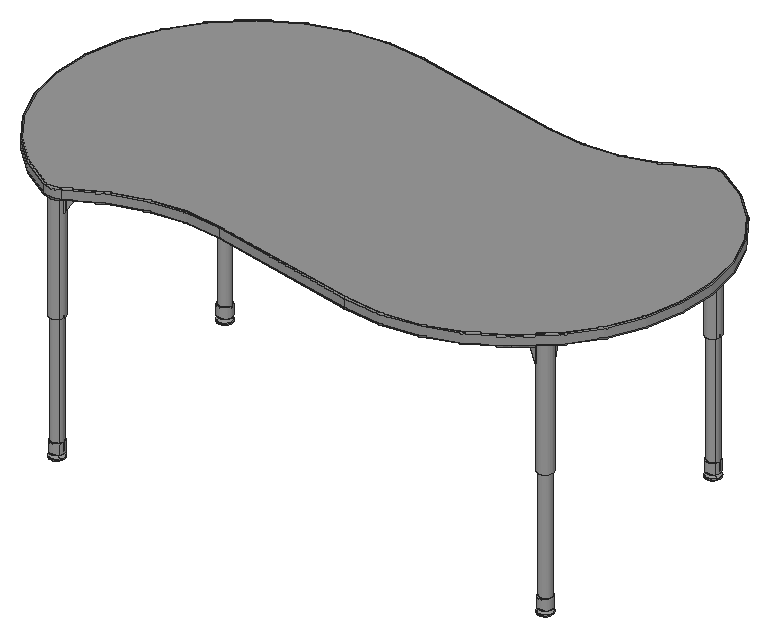
Revit family "Hierarchy Twister Large Table", category Furniture, Revit 2018
Family settings
  Work Plane-Based = No
  Always vertical = Yes
  Cut with Voids When Loaded = No
  Shared = No
  Room Calculation Point = No
Parameters
  Table Height = 2' - 5"
  Surface = Hierarchy Twister Large Table Surface
  Leg Finish = Hierarchy Leg Platinum
  Edgeband = Hierarchy Twister Large Table Edgeband
  Caster/Glide = Hierarchy Leg - Glide : Hierarchy Leg - Glide
Reference planes
  plane 1 "Center (Front/Back)": y = 0
  plane 2: z = 0
  plane 3 "Center (Left/Right)": x = 0
  plane 4: z = 736.6
Dimensions and locks
  "Table Height": plane 4 to level
  aligned and locked: plane 2 to level
  aligned and locked: nested 1 to plane 4
Nested families
  nested 1: "Twister Large Tabletop" at (0, 0, 56.135), type "Twister Large Tabletop"
  nested 2: "Hierarchy Leg - Glide" at (-718.431, 334.621, 0) x (0.6947, 0.7193, 0) z (0, 0, 1), type <- "Caster/Glide", Leg Finish <- "Leg Finish", Leg Height <- "Table Height", type "Hierarchy Leg - Glide"
  nested 3: "Hierarchy Leg - Glide" at (-620.152, -411.885, 0) x (-0.8572, 0.515, 0) z (0, 0, 1), type <- "Caster/Glide", Leg Finish <- "Leg Finish", Leg Height <- "Table Height", type "Hierarchy Leg - Glide"
  nested 4: "Hierarchy Leg - Glide" at (725.261, -279.284, 0) x (-0.6947, -0.7193, 0) z (0, 0, 1), Leg Finish <- "Leg Finish", Leg Height <- "Table Height", type "Hierarchy Leg - Glide"
    with Leg Height 2' - 5", Leg Finish Hierarchy Leg Platinum
  nested 5: "Hierarchy Leg - Glide" at (626.981, 467.221, 0) x (0.8572, -0.515, 0) z (0, 0, 1), Leg Finish <- "Leg Finish", Leg Height <- "Table Height", type "Hierarchy Leg - Glide"
    with Leg Height 2' - 5", Leg Finish Hierarchy Leg Platinum
Definition of nested family "Twister Large Tabletop"
  Parameters (values of type "Twister Large Tabletop")
    Surface = none
    Edgeband = none
  Reference planes
    plane 1 "Center (Front/Back)": y = 0
    plane 2: z = 0
    plane 3 "Center (Left/Right)": x = 0
  Forms (mm)
    Extrusion 1, solid, material <- "Surface"
      sketch origin (-60.904, 154.554, 0) x (1, 0, 0) y (0, 1, 0)
        loop
          arc (-221.155, 369.212) -> (-820.862, 4.722) -> (-537.028, -637.104) r 531.834
          arc (-537.028, -637.104) -> (-513.399, -641.277) -> (-490.806, -633.197) r 46.823
          arc (-490.806, -633.197) -> (-300.102, -550.702) -> (-92.359, -546.601) r 538.158
          line (-92.359, -546.601) -> (345.759, -623.853)
          arc (345.759, -623.853) -> (945.466, -259.363) -> (661.632, 382.463) r 531.834
          arc (661.632, 382.463) -> (638.004, 386.636) -> (615.411, 378.556) r 46.823
          arc (615.411, 378.556) -> (424.706, 296.061) -> (216.963, 291.96) r 538.158
          line (216.963, 291.96) -> (-221.155, 369.212)
      from 680.465 to 712.215
    Sweep 2, solid, material <- "Edgeband"
      path origin (-60.904, 154.554, 0) x (1, 0, 0) y (0, 1, 0)
        loop
          arc (345.759, -623.853) -> (945.466, -259.363) -> (661.632, 382.463) r 531.834
          arc (661.632, 382.463) -> (638.004, 386.636) -> (615.411, 378.556) r 46.823
          arc (615.411, 378.556) -> (424.706, 296.061) -> (216.963, 291.96) r 538.158
          line (216.963, 291.96) -> (-221.155, 369.212)
          arc (-221.155, 369.212) -> (-820.862, 4.722) -> (-537.028, -637.104) r 531.834
          arc (-537.028, -637.104) -> (-513.399, -641.277) -> (-490.806, -633.197) r 46.823
          arc (-490.806, -633.197) -> (-300.102, -550.702) -> (-92.359, -546.601) r 538.158
          line (-92.359, -546.601) -> (345.759, -623.853)
      profile origin (884.562, -104.809, 0) x (-0.954101, 0.299484, 0) y (0, 0, 1)
        loop
          arc (0, 712.215) -> (-2.385, 711.227) -> (-3.373, 708.842) r 3.373
          line (-3.373, 708.842) -> (-3.373, 683.839)
          arc (-3.373, 683.839) -> (-2.385, 681.453) -> (0, 680.465) r 3.373
          line (0, 680.465) -> (0, 712.215)
  Dimensions and locks
    aligned and locked: plane 2 to level
Definition of nested family "Hierarchy Leg - Glide"
  Parameters (values of type "Hierarchy Leg - Glide")
    Leg Finish [instance] = none
    Leg Height [instance] = 2' - 5"
  Reference planes
    plane 1 "Center (Front/Back)": y = 0
    plane 2: z = 0
    plane 3 "Center (Left/Right)": x = 0
  Forms (mm)
    Extrusion 1, solid
      sketch origin (-0.397, 0, 0) x (1, 0, 0) y (0, 1, 0)
        loop
          circle (0.397, 0) r 17.022
      from 17.175 to 410.875
    Revolve 2, solid
      sketch origin (0, 0, 0) x (1, 0, 0) y (0, 0, 1)
        loop
          line (-18.59, 45.75) -> (-20.178, 44.162) -> (-20.178, 15.591) -> (-18.587, 14) -> (-3.175, 14) -> (-3.175, 10.825) -> (-21.503, 4.125) -> (-21.503, 2.284) -> (-20.665, 0) -> (0, 0) -> (0, 45.75) -> (-18.59, 45.75)
        axis (0, 45.75) -> (0, 0)
      angle from 0 to 360
  Dimensions and locks
    "Leg Height": nested 1 to level
    aligned and locked: plane 2 to level
  Automatic sketch dimensions
    plane 1 "Center (Front/Back)" to Extrusion 1 sketch curve = 0' - 0"
    Extrusion 1 sketch curve to plane 3 "Center (Left/Right)" = 0' - 0"
    Revolve 2 sketch curve to level = 0' - 0"
    Revolve 2 sketch curve to plane 3 "Center (Left/Right)" = 0' - 0"  (x2)
    Revolve 2 sketch curve to plane 3 "Center (Left/Right)" = 0' - 0 1/8"
    Revolve 2 sketch curve to Revolve 2 sketch curve = 0' - 0.60676"
    Revolve 2 sketch curve to Revolve 2 sketch curve = 0' - 0.73189"
    Revolve 2 sketch curve to Revolve 2 sketch curve = 0' - 0.06263"  (x2)
    Revolve 2 sketch curve to Revolve 2 sketch curve = 0' - 0.08183"
    Revolve 2 sketch curve to Revolve 2 sketch curve = 0' - 0.03297"
    level to Revolve 2 sketch curve = 0' - 0.08994"
    Revolve 2 sketch curve to Revolve 2 sketch curve = 0' - 0.07247"
    level to Revolve 2 sketch curve = 0' - 0.42618"
    Revolve 2 sketch curve to Revolve 2 sketch curve = 0' - 0 1/8"
    Revolve 2 sketch curve to Revolve 2 sketch curve = 0' - 1.12486"
    Revolve 2 sketch curve to Revolve 2 sketch curve = 0' - 0 1/16"
    Revolve 2 sketch curve to level = 2' - 0"
    Revolve 2 sketch curve to Revolve 2 sketch curve = 8' - 4.91764"
    radius of Extrusion 1 sketch curve = 0' - 0.67016"
  Nested families
    nested 1: "Hierarchy Upper Leg 2023" at (0, 0, 30.425), Shapes Leg Finish <- "Leg Finish", type "Hierarchy Upper Leg 2023"
      with Shapes Leg Finish none
  Definition of nested family "Hierarchy Upper Leg 2023"
    Parameters (values of type "Hierarchy Upper Leg 2023")
      Shapes Leg Finish [instance] = none
    Reference planes
      plane 1 "Center (Front/Back)": y = 0
      plane 2: z = 0
      plane 3 "Center (Left/Right)": x = 0
    Forms (mm)
      Extrusion 1, solid, material <- "Shapes Leg Finish"
        sketch origin (0, 0, 0) x (1, 0, 0) y (0, 1, 0)
          loop
            circle (0, 0) r 21.54
        from 347.375 to 702.975
      Extrusion 2, solid, material <- "Shapes Leg Finish"
        sketch origin (0, 0, 0) x (1, 0, 0) y (0, 1, 0)
          loop
            line (-43.224, 4.873) -> (-73.311, -57.433)
            arc (-73.311, -57.433) -> (-72.134, -78.695) -> (-53.5, -89) r 22
            line (-53.5, -89) -> (53.5, -89)
            arc (53.5, -89) -> (72.134, -78.695) -> (73.311, -57.433) r 22
            line (73.311, -57.433) -> (43.224, 4.873)
            arc (43.224, 4.873) -> (0, 32) -> (-43.224, 4.873) r 48
        from 702.975 to 706.175
      Extrusion 3, solid, material <- "Shapes Leg Finish"
        sketch origin (-37.724, 220.097, 0) x (-0.434844, 0.900506, 0) y (0, 0, 1)
          loop
            line (-228.962, 702.975) -> (-299.962, 702.975)
            arc (-299.962, 702.975) -> (-302.851, 700.784) -> (-301.52, 697.412) r 3
            arc (-301.52, 697.412) -> (-263.998, 667.938) -> (-234.525, 630.417) r 200
            arc (-234.525, 630.417) -> (-231.153, 629.086) -> (-228.962, 631.975) r 3
            line (-228.962, 631.975) -> (-228.962, 702.975)
        from -49.295 to -46.095
      Extrusion 4, solid, material <- "Shapes Leg Finish"
        sketch origin (37.724, 220.097, 0) x (0.434844, 0.900506, 0) y (0, 0, -1)
          loop
            line (-228.962, -702.975) -> (-228.962, -631.975)
            arc (-228.962, -631.975) -> (-231.153, -629.086) -> (-234.525, -630.417) r 3
            arc (-234.525, -630.417) -> (-263.998, -667.938) -> (-301.52, -697.412) r 200
            arc (-301.52, -697.412) -> (-302.851, -700.784) -> (-299.962, -702.975) r 3
            line (-299.962, -702.975) -> (-228.962, -702.975)
        from -49.295 to -46.095
    Dimensions and locks
      aligned and locked: plane 2 to level
